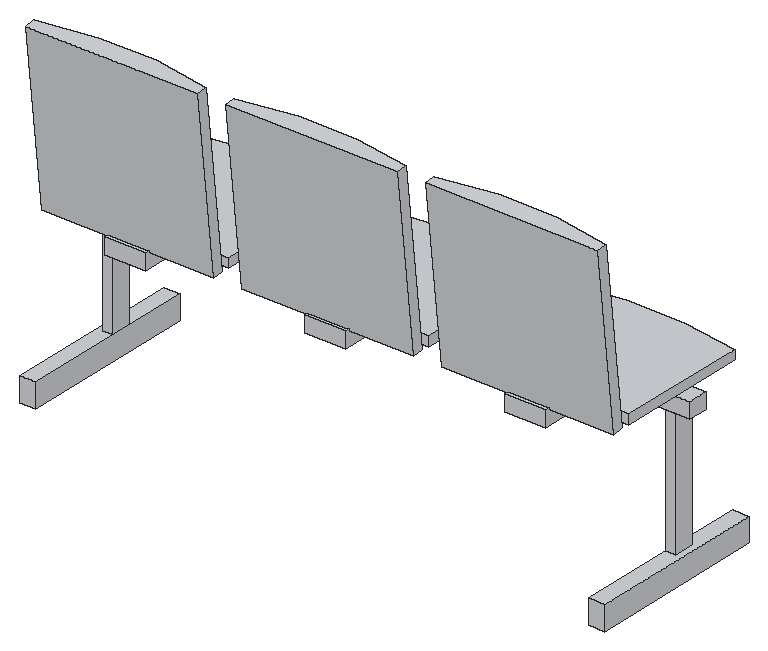
Revit family "АВЛН_Секция зрительного зала", category Мебель, Revit 2019
Family settings
  Номер OmniClass = 23.40.20.00
  Заголовок OmniClass = General Furniture and Specialties
  На основе рабочей плоскости = Нет
  Всегда вертикально = Да
  При загрузке вырезать с полостями = Нет
  Общий = Нет
  Точка расчета площади = Нет
Parameters (values of type "3-х местная секция для зрительн зала")
  Центральное кресло = Стул : Центральное сиденье
  Описание = "3-х местная секция для зрительн. зала:1500х450х850"
  Type Comments = ""
  Keynote = ""
  Manufacturer = ""
  Группа модели = "Оборудование основных помещений школы"  # constant formula
  ADSK_Размер_Ширина = 450 mm
  ADSK_Размер_Длина = 1500 mm
  ADSK_Размер_Высота = 850 mm
  ADSK_Обозначение = ""
  ADSK_Масса = 0
  ADSK_Код изделия = ""
  ADSK_Единица измерения = "шт"  # constant formula
  3х местная секция = yes
  2х местная секция = yes
Types (3, lengths in mm): name | Центральное кресло | Описание | 3х местная секция
  (no name) | Стул : Центральное сиденье | "3-х местная секция для зрительн. зала:1500х450х850" | yes
  3-х местная секция для зрительн зала | Стул : Центральное сиденье | "3-х местная секция для зрительн. зала:1500х450х850" | yes
  2-х местная секция для зрительн зала | Стул : Крайнее сиденье справа | "2-х местная секция для зрительн. зала:1000х450х850" | no
Reference planes
  plane 1 "По центру (Вперед/Назад)": y = 0
  plane 2: z = 0
  plane 3 "По центру (Влево/Вправо)": x = 0
  plane 4: z = 607.976
Dimensions and locks
  plane 2 to plane 4 = 607.976 mm
  aligned and locked: level to plane 2
  aligned and locked: plane 3 "По центру (Влево/Вправо)" to nested 1
  aligned and locked: plane 1 "По центру (Вперед/Назад)" to nested 1
  aligned and locked: plane 1 "По центру (Вперед/Назад)" to nested 2
  aligned and locked: nested 2 to nested 1
  aligned and locked: plane 1 "По центру (Вперед/Назад)" to nested 3
  aligned and locked: nested 3 to nested 2
Nested families
  nested 1: "Стул" at (0, 0, 0), visible <- "2х местная секция", type "Крайнее сиденье слева"
    with ADSK_Размер_Высота 850 mm
  nested 2: "Стул" at (500, 0, 0), visible <- "2х местная секция", type <- "Центральное кресло", type "Центральное сиденье"
    with ADSK_Размер_Высота 850 mm
  nested 3: "Стул" at (1000, 0, 0), visible <- "3х местная секция", type "Крайнее сиденье справа"
    with ADSK_Размер_Высота 850 mm
Definition of nested family "Стул"
  Parameters (values of type "Крайнее сиденье слева")
    Description = "Описание"
    Ножка слева = yes
    Ножка справа = no
    Type Comments = ""
    Keynote = ""
    Manufacturer = "УП «СВ КЛАСС»"
    Model = "Оборудование основных помещений школы"
    Высота сиденья = 440 mm
    ADSK_Размер_Ширина = 450 mm
    ADSK_Размер_Длина = 500 mm
    ADSK_Размер_Высота = 780 mm
    ADSK_Обозначение = "ГОСТ"
    ADSK_Масса = 0
    ADSK_Код изделия = ""
    ADSK_Единица измерения = "шт"
  Types (3, lengths in mm): name | Description | Ножка слева | Ножка справа | Manufacturer | Model | ADSK_Обозначение | ADSK_Единица измерения
    Крайнее сиденье слева | "Описание" | yes | no | "УП «СВ КЛАСС»" | "Оборудование основных помещений школы" | "ГОСТ" | "шт"
    Крайнее сиденье справа | "" | no | yes | "" | "" | "" | ""
    Центральное сиденье | "" | no | no | "" | "" | "" | ""
  Reference planes
    plane 1 "По центру (Вперед/Назад)": y = 0
    plane 2: z = 0
    plane 3 "По центру (Влево/Вправо)": x = 0
    plane 4: z = 780
    plane 5: y = 450
    plane 6: x = 500
  Forms (mm)
    Extrusion 1, solid
      sketch origin (0, -518.993, 425) x (-1, 0, 0) y (0, -1, 0)
        loop
          line (-34.1, -943.593) -> (-34.1, -613.393) -> (-465.9, -613.393) -> (-465.9, -943.593)
          arc (-465.9, -943.593) -> (-250, -968.993) -> (-34.1, -943.593) r 930.273
      from -8.891 to 15
    Extrusion 2, solid
      sketch origin (0, -518.993, 192.976) x (-1, 0, 0) y (0, -1, 0)
        loop
          line (0, -810.188) -> (0, -760.312) -> (-500, -760.312) -> (-500, -810.188) -> (0, -810.188)
      from 183.003 to 223.133
    Extrusion 3, solid
      sketch origin (0, -518.993, 192.976) x (-1, 0, 0) y (0, -1, 0)
        loop
          line (-199.442, -760.312) -> (-199.442, -558.993) -> (-301.042, -558.993) -> (-301.042, -760.312) -> (-199.442, -760.312)
      from 183.003 to 223.133
    Extrusion 4, solid, visible <- "Ножка слева"
      sketch origin (0, -518.993, 592.976) x (-1, 0, 0) y (0, -1, 0)
        loop
          line (-34.1, -810.188) -> (-34.1, -760.312) -> (-59.1, -760.312) -> (-59.1, -810.188) -> (-34.1, -810.188)
      from -532.976 to -216.997
    Extrusion 5, solid, visible <- "Ножка слева"
      sketch origin (0, 0, 0) x (1, 0, 0) y (0, 0, 1)
        loop
          line (20.1, 60) -> (20.1, 0) -> (60.1, 0) -> (60.1, 60) -> (20.1, 60)
      from -450 to 0
    Extrusion 6, solid, visible <- "Ножка справа"
      sketch origin (500.485, -518.993, 592.976) x (1, 0, 0) y (0, 1, 0)
        loop
          line (-34.1, 810.188) -> (-59.1, 810.188) -> (-59.1, 760.312) -> (-34.1, 760.312) -> (-34.1, 810.188)
      from -532.976 to -216.997
    Extrusion 7, solid, visible <- "Ножка справа"
      sketch origin (500.485, 0, 0) x (-1, 0, 0) y (0, 0, -1)
        loop
          line (20.1, -60) -> (60.1, -60) -> (60.1, 0) -> (20.1, 0) -> (20.1, -60)
      from -450 to 0
    Sweep 8, solid
      path origin (0, 24.914, 0) x (0, 1, 0) y (0, 0, 1)
        loop
          line (50.8, 416.109) -> (0, 780)
      profile origin (0, 50.314, 598.054) x (0, -0.990396, -0.138261) y (1, 0, 0)
        loop
          line (25.156, 34.342) -> (25.156, 464.342) -> (0.156, 464.342)
          arc (0.156, 464.342) -> (-23.632, 249.342) -> (0.156, 34.342) r 983.491
          line (0.156, 34.342) -> (25.156, 34.342)
  Dimensions and locks
    plane 2 to plane 4 = 780 mm
    "ADSK_Размер_Высота": plane 4 to level
    locked: Extrusion 2 to Extrusion 2 at 40.129
    locked: Extrusion 4 sketch curve to Extrusion 4 sketch curve at 25
    locked: Extrusion 4 sketch curve to Extrusion 4 sketch curve at 49.876
    Extrusion 5 sketch curve to Extrusion 5 sketch curve to plane 3 "По центру (Влево/Вправо)" = 40 mm locked, 20.1 mm locked
    locked: level to Extrusion 5 sketch curve at 60
    level to plane 4 = 780 mm
    "ADSK_Размер_Ширина": plane 5 to plane 1 "По центру (Вперед/Назад)"
    "ADSK_Размер_Длина": plane 3 "По центру (Влево/Вправо)" to plane 6
    "Высота сиденья": Extrusion 1 to level
    locked: Extrusion 6 sketch curve to Extrusion 6 sketch curve at 25
    locked: Extrusion 6 sketch curve to Extrusion 6 sketch curve at 49.876
    locked: Extrusion 7 sketch curve to Extrusion 7 sketch curve at 40
    aligned and locked: level to plane 2
    aligned and locked: Extrusion 2 to Extrusion 1
    aligned and locked: Extrusion 2 to Extrusion 3
    aligned and locked: Extrusion 3 to Extrusion 1
    aligned and locked: Extrusion 4 to Extrusion 2
    aligned and locked: Extrusion 5 sketch curve to level
    aligned and locked: plane 1 "По центру (Вперед/Назад)" to Extrusion 5
    aligned and locked: Extrusion 4 to Extrusion 5
    aligned and locked: Extrusion 4 to Extrusion 3
    aligned and locked: Extrusion 5 to plane 1 "По центру (Вперед/Назад)"
    aligned and locked: plane 6 to Extrusion 2
    aligned and locked: Extrusion 2 to plane 3 "По центру (Влево/Вправо)"
    aligned and locked: Extrusion 3 to Extrusion 2
    aligned and locked: Extrusion 7 to Extrusion 6
    aligned and locked: plane 5 to Extrusion 5
    aligned and locked: plane 1 "По центру (Вперед/Назад)" to Extrusion 7
    aligned and locked: Extrusion 7 to Extrusion 5
    aligned and locked: plane 4 to Sweep 8 sketch curve
    aligned and locked: Sweep 8 sketch curve to Extrusion 1
    aligned and locked: plane 1 "По центру (Вперед/Назад)" to Sweep 8
  Automatic sketch dimensions
    Extrusion 1 sketch curve to plane 6 = 34.1 mm
    plane 3 "По центру (Влево/Вправо)" to Extrusion 1 sketch curve = 250 mm
    plane 3 "По центру (Влево/Вправо)" to Extrusion 1 sketch curve = 34.1 mm
    Extrusion 1 sketch curve to plane 5 = 25.4 mm
    Extrusion 1 sketch curve to plane 1 "По центру (Вперед/Назад)" = 94.4 mm
    plane 1 "По центру (Вперед/Назад)" to Extrusion 1 sketch curve = 480.273 mm
    Extrusion 2 sketch curve to plane 6 = 0 mm
    Extrusion 2 sketch curve to plane 3 "По центру (Влево/Вправо)" = 0 mm
    Extrusion 2 sketch curve to plane 5 = 158.805 mm
    Extrusion 2 sketch curve to Extrusion 2 sketch curve = 49.876 mm
    Extrusion 3 sketch curve to plane 1 "По центру (Вперед/Назад)" = 40 mm
    Extrusion 3 sketch curve to plane 6 = 198.958 mm
    Extrusion 3 sketch curve to Extrusion 3 sketch curve = 101.6 mm
    Extrusion 3 sketch curve to plane 5 = 208.681 mm
    plane 3 "По центру (Влево/Вправо)" to Extrusion 4 sketch curve = 59.1 mm
    Extrusion 4 sketch curve to plane 5 = 158.805 mm
    Extrusion 6 sketch curve to plane 6 = 58.615 mm
    Extrusion 6 sketch curve to plane 5 = 208.681 mm
    Extrusion 7 sketch curve to level = 0 mm
    plane 6 to Extrusion 7 sketch curve = 19.615 mm
    Extrusion 7 sketch curve to level = 60 mm
    Sweep 8 sketch curve to plane 1 "По центру (Вперед/Назад)" = 24.914 mm
    Sweep 8 sketch curve to plane 1 "По центру (Вперед/Назад)" = 75.714 mm
    Sweep 8 sketch curve to profile plane = 25.156 mm
    plane 3 "По центру (Влево/Вправо)" to Sweep 8 sketch curve = 249.342 mm
    Sweep 8 sketch curve to Sweep 8 sketch curve = 934.703 mm
    plane 3 "По центру (Влево/Вправо)" to Sweep 8 sketch curve = 34.342 mm
    Sweep 8 sketch curve to profile plane = 0.156 mm  (x2)
